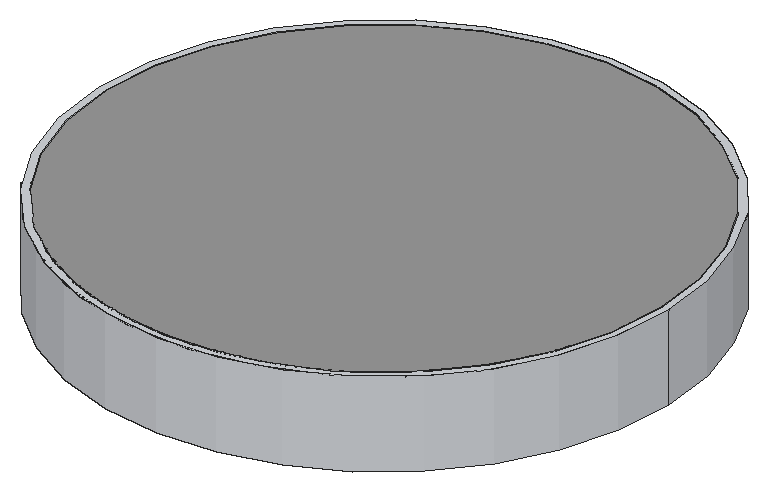
Revit family "2071125", category Lighting Fixtures, host Face, Revit 2018
Family settings
  Host = Face
  Round Connector Dimension = Use Diameter
  Part Type = Normal
  OmniClass Number = 23.80.70.00
  OmniClass Title = Lighting
  Cut with Voids When Loaded = No
  Light Source = Yes
  Shared = No
  Room Calculation Point = No
Parameters (values of type "2071125 COLOSSAL 400 940 OP DIR WHT SSC")
  iner diameter = 390 mm
  Weight = "n/a"
  Wattage Comments = ""
  Wattage = 30 W
  WarrantyStartDate [instance] = "n/a"
  WarrantyGuarantorParts = "n/a"
  WarrantyDurationUnit = "n/a"
  WarrantyDurationParts = ""
  WarrantyDescription = "http://www.sylvania-lighting.com"
  built-in parameter 1150110 = 1 (stored number, unit not read)
  Voltage = 230 V
  URL = "0.95"
  TypeName = "COLOSSAL 400mm 940 OPAL DIR WHITE SSC"
  Type Image = <None>
  Type Comments = "n/a"
  built-in parameter 1114217 = 1 (stored number, unit not read)
  Tilt Angle = -90.00°
  built-in parameter 1150109 = 1 (stored number, unit not read)
  built-in parameter 1150134 = (empty or 0)
  built-in parameter 1150113 = 1 (stored number, unit not read)
  SerialNumber [instance] = "n/a"
  Photometric Web File = "2071125.ies"
  Material_3_SYL = LED-Sylvania
  PowerFactor = 0
  PowerConsumption = "Lighting"
  NominalLength = 400 mm
  NominalHeight = 93 mm
  NominalDepth = 400 mm
  Name = "COLOSSAL 400mm 940 OPAL DIR WHITE SSC"
  ModelReference = Name  # "COLOSSAL 400mm 940 OPAL DIR WHITE SSC"
  ModelNumber = "2071125"
  Model = Name  # "COLOSSAL 400mm 940 OPAL DIR WHITE SSC"
  Material = "Feilo Sylvania"
  ManufacturerName = "107 lm/W"
  Manufacturer = ""
  LuminousEfficacy = ""
  built-in parameter 1150105 = 270.44 (stored number, unit not read)
  Lumens = 3398.4 lm
  LuminaireType = "0"
  built-in parameter 1150115 = 1 (stored number, unit not read)
  LightOutputRatio = "LED"
  built-in parameter 1150137 = (empty or 0)
  built-in parameter 1150139 = (empty or 0)
  LampsType = Lamp  # "n/a"
  LampNominalLuminous = "4000 K"
  LampMacAdamStep = "90"
  LampColourTemperature = "LED"
  LampColourRenderingIndex = "16500"
  built-in parameter 1150112 = 1 (stored number, unit not read)
  built-in parameter 1150114 = 1 (stored number, unit not read)
  Lamp = "n/a"
  Keynote = "n/a"
  InstallationDate [instance] = "n/a"
  InputVoltage = "0"
  InputNominalFrequency = "4000"
  built-in parameter 1150132 = (empty or 0)
  built-in parameter 1150102 = (empty or 0)
  built-in parameter 1150107 = 3000 (stored number, unit not read)
  built-in parameter 1150138 = (empty or 0)
  IngressProtection = "IfcLightFixtureType"
  ImpactProtectionIndex = "IfcLightFixtureType"
  built-in parameter 1150106 = 2.7044 (stored number, unit not read)
  IfcExportType = "IfcLightFixtureType"
  IfcExportAs = "Class I"
  Emit from Circle Diameter = 385 mm
  Emit Shape Visible in Rendering = no
  ElectricShockClassification = "107"
  built-in parameter 1150104 = 10.524 (stored number, unit not read)
  DocumentationLiterature = "http://www.sylvania-lighting.com/product/en-int/products/2071125"
  DimmingControlOptions = "n/a"
  Material_2_SYL = Polycarbonate_Sylvania_White
  Dimming Lamp Color Temperature Shift = <None>
  Description = "400mm diameter circular architectural luminaire, can be surface mounted or suspended. Powder coated aluminium housing (RAL9016) with polycarbonate opal diffuser. Direct light distribution, 2200lm luminuous flux, 20.5W system power, 107lm/W luminiaire efficacy. Sylsmart Standalone enabled. Colour rendering index Ra >90, 4000K Neutral White LED, chromaticity tolerance of 3-step MacAdam ellipse. IP40, IK03. 450mA drive current. Electrical protection Class1, 220-240V. Reported lifetime 66k hours L90B10."
  Default Elevation = 1219.2 mm
  CreatedOn = "22/03/2022"
  CreatedBy = "@sylvania-lighting.com"
  Cost = 0
  Color Filter = 16777215
  built-in parameter 1114216 [instance] = (empty or 0)
  ClassificationValue = "EF_70_80"
  ClassificationName = "Uniclass2015"
  Material_1_SYL = Polycarbonate_Sylvania_Opal
  BarCode [instance] = "n/a"
  built-in parameter 1114218 = 1 (stored number, unit not read)
  built-in parameter 1150133 = 10 (stored number, unit not read)
  AssetType = "Fixed"
  AssetIdentifier [instance] = "n/a"
  Assembly Code = "D5020200"
  Apparent Load = 20.5 VA
  Material_4_SYL = none
Reference planes
  plane 1 "Center (Front/Back)": y = 0
  plane 2: z = 0
  plane 3 "Center (Left/Right)": x = 0
  plane 4: x = -200
  plane 5: x = 200
  plane 6: y = 200
  plane 7: y = -200
  plane 8: y = 236
  plane 9: y = -236
  plane 10: z = 93
  plane 11: y = 195
  plane 12: y = -195
  plane 13: y = 90.5
  plane 14: y = 144.5
  plane 15: through (52.25, 90.5, 1219.2) normal (0.866, 0.5, 0)
  plane 16: through (52.25, 90.5, 1219.2) normal (0.866, 0.5, 0)
  plane 17: through (63.706, 126.657, 1219.2) normal (0.866, 0.5, 0)
  plane 18: through (-104.5, 0, 1219.2) normal (-0.866, 0.5, 0)
  plane 19: through (-142.394, -9.633, 1219.2) normal (-0.866, 0.5, 0)
  plane 20: y = -90.5
  plane 21: y = -118.5
  plane 22: through (85.371, -141.133, 1219.2) normal (-0.866, 0.5, 0)
  plane 23: through (52.25, -90.5, 1219.2) normal (-0.866, 0.5, 0)
  plane 24: through (-161.658, 0, 1219.2) normal (0.866, 0.5, 0)
  plane 25: through (-172.12, 9.121, 1219.2) normal (0.866, 0.5, 0)
  plane 26: through (-104.5, 0, 1219.2) normal (0.866, 0.5, 0)
Forms (mm)
  Extrusion 1, solid, detail levels medium+fine
    sketch origin (0, 0, 0) x (1, 0, 0) y (0, 1, 0)
      loop
        circle (0, 0) r 200
    from 33.023 to 93
  Extrusion 2, void
    sketch origin (0, 0, 0) x (1, 0, 0) y (0, 1, 0)
      loop
        circle (0, 0) r 195
    from 93 to 37.292
  Extrusion 3, solid, material "Glass, White, High Luminance", detail levels fine
    sketch origin (0, 0, 0) x (1, 0, 0) y (0, 1, 0)
      loop
        circle (0, 0) r 195
    from 88.026 to 93
  Extrusion 4, solid, detail levels coarse
    sketch origin (0, 0, 0) x (1, 0, 0) y (0, 1, 0)
      loop
        line (-200, 200) -> (-200, -200) -> (200, -200) -> (200, 200) -> (-200, 200)
    from 0 to 93
  Blend 5, solid, detail levels medium+fine
    base sketch origin (0, 0, 0) x (1, 0, 0) y (0, 1, 0)
      loop
        line (-52.25, 90.5) -> (-104.5, 0) -> (-52.25, -90.5) -> (52.25, -90.5) -> (104.5, 0) -> (52.25, 90.5) -> (-52.25, 90.5)
    top sketch origin (0, 0, 0) x (1, 0, 0) y (0, 1, 0)
      loop
        line (-53.405, 144.5) -> (-149.245, -21.5) -> (-93.242, -118.5) -> (98.438, -118.5) -> (151.843, -26) -> (53.405, 144.5) -> (-53.405, 144.5)
    from 0 to 33.023
Cuts and joins
  Extrusion 2 cuts Extrusion 1
Dimensions and locks
  "NominalDepth": plane 6 to plane 7
  "NominalLength": plane 4 to plane 5
  equal spacing: plane 4, plane 3 "Center (Left/Right)", plane 5
  "iner diameter": plane 11 to plane 12
  equal spacing: plane 11, plane 1 "Center (Front/Back)", plane 12
  equal spacing: plane 6, plane 1 "Center (Front/Back)", plane 7
  "NominalHeight": plane 10 to level
  plane 19 to plane 18 = 28 mm
  radius of Extrusion 2 sketch curve = 195 mm
  aligned and locked: plane 2 to host face
  aligned and locked: level to host face
Automatic sketch dimensions
  host sketch curve to host sketch curve = 2438.4 mm  (x2)
  plane 1 "Center (Front/Back)" to Extrusion 1 sketch curve = 0 mm
  Extrusion 1 sketch curve to plane 3 "Center (Left/Right)" = 0 mm
  plane 1 "Center (Front/Back)" to Extrusion 2 sketch curve = 0 mm
  Extrusion 2 sketch curve to plane 3 "Center (Left/Right)" = 0 mm
  plane 1 "Center (Front/Back)" to Extrusion 3 sketch curve = 0 mm
  Extrusion 3 sketch curve to plane 3 "Center (Left/Right)" = 0 mm
  Extrusion 4 sketch curve to plane 4 = 0 mm
  Extrusion 4 sketch curve to plane 5 = 0 mm
  Extrusion 4 sketch curve to plane 7 = 0 mm
  Extrusion 4 sketch curve to plane 6 = 0 mm
  Blend 5 sketch curve to plane 19 = 0 mm  (x2)
  Blend 5 sketch curve to plane 24 = 0 mm  (x2)
  Blend 5 sketch curve to plane 21 = 0 mm
  Blend 5 sketch curve to plane 14 = 0 mm
  Blend 5 sketch curve to plane 17 = 0 mm  (x2)
  Blend 5 sketch curve to plane 22 = 0 mm  (x2)
  radius of Extrusion 1 sketch curve = 200 mm
  radius of Extrusion 3 sketch curve = 195 mm
Connectors
  electrical at (0, 0, 0), driven by "Apparent Load", driven by "PowerFactor", driven by "Voltage"
    settings: index 1, voltage 230 V, apparent load 20.5 VA, apparent load phase1 0 VA, apparent load phase2 0 VA, apparent load phase3 0 VA, power factor 0, load classification "Lighting", number of poles 1, system type 30, power factor state 1, is connector primary yes, connector utility no, sub classification motor no, connector description ""
